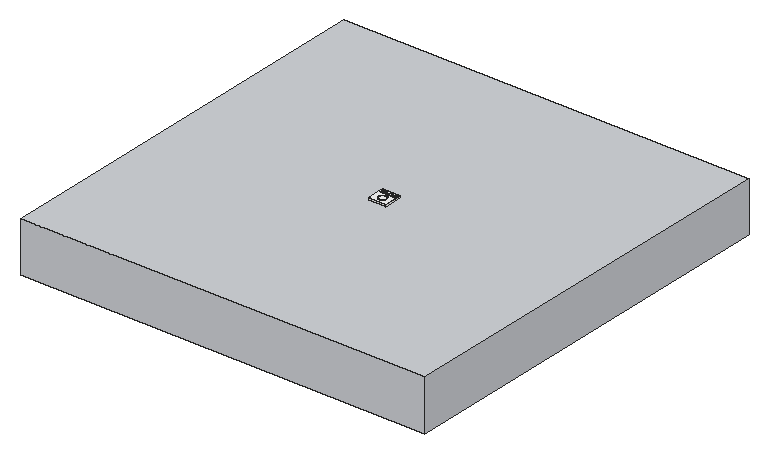
Revit family "Gira_5569920", category Elektroinstallationen, Revit 2017
Family settings
  Basisbauteil = Fläche
  Beschriftungsausrichtung beibehalten = Nein
  Bemaßung runder Anschluss = Durchmesser verwenden
  Teiletyp = Normal
  Beim Laden mit Abzugskörper schneiden = Nein
  Gemeinsam genutzt = Nein
  Raumberechnungspunkt = Nein
Parameters
  Default Elevation = 1219.2 mm
  URL = "https://www.gira.de/"
  Typname = "Türstationsmodul IBN-Taste System 106 Edelstahl"
  Produktseite = "http://katalog.gira.de/de_DE/datenblatt.html?artikelnr=5569920"
  Installationstechnik = "Bus-System"
  Höhe [m] = 0.1065
  Hersteller = "Gira"
  HAN = "5569920"
  GTIN = "4010337022459"
  Datenblatt = "https://katalog.gira.de/de_DE/download.html?artikelnr=5569920"
  Breite [m] = 0.1065
  Beschreibung = "System 106 Türstationsmodul mit Inbetriebnahme-Taste  Edelstahl   Inbetriebnahme-Taste Das Gira System 106 ist ein Installationssystem aus Echtmetall in puristisch-edlem Design ohne Rahmen, basierend auf einem Grundmaß von 106,5 × 106,5 mm. Mit der modularen Türstation im Gira System 106 beginnt Gastlichkeit schon vor der Haustür. Von Ruftasten-, Sprach- und Kameramodul bis hin zum Info- und Blindmodul präsentieren sich alle Funktionen in einem stimmigen Gesamtbild. Im Dunkeln sorgen die hinterleuchteten Ruftasten mit Beschriftungsfeld für gute Lesbarkeit und eine ansprechende Erscheinung.  Individuell anpassbar durch modularen Aufbau Das System 106 kann in Ein-und Mehrfamilienhäusern, aber auch in Bürogebäuden, Industrieobjekten und Hotels eingesetzt werden. Der modulare Aufbau ermöglicht es, das System in Größe, Design und Funktionalität individuell an den jeweiligen Bedarf anzupassen. Erweiterungen und Änderungen sind durch Modulaustausch jederzeit einfach möglich. Selbst ein reiner Frontwechsel ist mit dem System möglich. Somit kann das Erscheinungsbild der Anlage auch nachträglich von z. B. Verkehrsweiß auf die Oberfläche Edelstahl geändert werden, ohne dabei die Elektronikeinheiten mit tauschen zu müssen.  Hochwertige Materialien Die Module sind rahmenlos mit Echtmaterial-Designfronten in zwei gebürsteten Edelstahlvarianten (V2A und V4A), eloxiertem Aluminium C-0 und einer verkehrsweiß (RAL 9016) lackierten Metalllegierung erhältlich: robuste Materialien, die für Langlebigkeit sorgen. Kamera- und Anzeigemodul (DIN 18040) verfügen über eine Schwarzglasabdeckung.  Einfache Installation und stufenweise Montage Das System kann parallel zum Baufortschritt in verschiedenen Stufen installiert werden. So ist es möglich, beim Rohbau zunächst nur den unteren Teil des Aufputz-Gehäuses zu montieren, Leitungen und Module können dann hinzugefügt werden, wenn sie gebraucht werden.  Individuelle Beschriftungsmöglichkeiten Ruftasten- und Info-Module können über den Gira Beschriftungsservice individuell laserbeschriftet werden.  Merkmale: - Kompaktes Sprachmodul mit integriertem Ruftaster für die Kommunikation zwischen innen und außen. - Ein hochwertiges Mikrofon und ein wetterfester Lautsprecher sorgen für gute Verständigung. - Spannungsversorgung über 2-Draht Bus. Zusätzlicher Anschluss für ZV (z. B. notwendig ab 3. Kameramodul). - Alle anderen System 106 Module (außer Sprachmodul) werden über das Türstationsmodul mit Spannung versorgt.  Hinweise : - Professionelle Beschriftung über den Gira Beschriftungsservice www.beschriftung.gira.de."
  BIM = "https://media.stage.bim.site/public/gira/876eb45/T%C3%BCrstationsmod.IBN-Taste_S106.rfa?public/gira/876eb45/Türstationsmod.IBN-Taste_S106.rfa"
  Anzahl der Klingeltasten = 1
Reference planes
  plane 1 "Center (Front/Back)": y = 0
  plane 2: z = 0
  plane 3 "Center (Left/Right)": x = 0
Forms (mm)
  Extrusion 1, solid
    sketch origin (0, 0, 0) x (1, 0, 0) y (0, 1, 0)
      loop
        line (-1219.2, 1219.2) -> (-1219.2, -1219.2) -> (1219.2, -1219.2) -> (1219.2, 1219.2) -> (-1219.2, 1219.2)
    from 0 to -304.8
  Extrusion 2, solid, material "White", detail levels medium+fine
    sketch origin (0, 0, 0) x (1, 0, 0) y (0, 1, 0)
      loop
        line (-52.893, 52.893) -> (-52.893, -52.893) -> (52.893, -52.893) -> (52.893, 52.893) -> (-52.893, 52.893)
    from 0 to 6.5
  Extrusion 3, solid, material "White", detail levels fine
    sketch origin (0, 0, 0) x (1, 0, 0) y (0, 1, 0)
      loop
        line (-52.6, 52.586) -> (-52.6, 27.339) -> (52.6, 27.339) -> (52.6, 52.586) -> (-52.6, 52.586)
      loop
        line (40.266, 46.228) -> (-40.248, 46.228) -> (-40.248, 33.697) -> (40.266, 33.697) -> (40.266, 46.228)
    from 6.5 to 9.5
  Extrusion 4, solid, material "White", detail levels fine
    sketch origin (0, 0, 0) x (1, 0, 0) y (0, 1, 0)
      loop
        line (52.6, 26.01) -> (-52.6, 26.01) -> (-52.6, -52.588) -> (52.6, -52.588) -> (52.6, 26.01)
      loop
        circle (0, -13.287) r 24
    from 6.5 to 9.5
  Extrusion 5, solid, material "White", detail levels medium+fine
    sketch origin (0, 0, 0) x (1, 0, 0) y (0, 1, 0)
      loop
        line (44.5, 42.41) -> (-44.5, 42.41) -> (-44.5, -44.487) -> (44.5, -44.487) -> (44.5, 42.41)
    from 0 to -15
  Extrusion 6, solid, material "White", detail levels fine
    sketch origin (0, 0, 0) x (1, 0, 0) y (0, 1, 0)
      loop
        circle (-46.7, 39.963) r 1.8
      loop
        circle (46.7, 39.963) r 1.8
    from 9.5 to 10
  Extrusion 7, solid, material "White", detail levels fine
    sketch origin (0, 0, 0) x (1, 0, 0) y (0, 1, 0)
      loop
        line (-40.248, 33.697) -> (40.266, 33.697) -> (40.266, 46.228) -> (-40.248, 46.228) -> (-40.248, 33.697)
    from 6.5 to 9.154
  Extrusion 8, solid, material "White", detail levels fine
    sketch origin (0, 0, 0) x (1, 0, 0) y (0, 1, 0)
      loop
        circle (0, -13.287) r 22
    from 6.5 to 9.5
  Extrusion 9, solid, material "White", detail levels medium
    sketch origin (0, 0, 0) x (1, 0, 0) y (0, 1, 0)
      loop
        line (-52.6, 52.586) -> (-52.6, -52.588) -> (52.6, -52.588) -> (52.6, 52.586) -> (-52.6, 52.586)
    from 6.5 to 10
  Extrusion 10, solid, material "White", detail levels coarse
    sketch origin (0, 0, 0) x (1, 0, 0) y (0, 1, 0)
      loop
        line (-52.893, 52.893) -> (-52.893, -52.893) -> (52.893, -52.893) -> (52.893, 52.893) -> (-52.893, 52.893)
    from -15 to 10
Dimensions and locks
  aligned and locked: plane 2 to Extrusion 1
  aligned and locked: level to Extrusion 1
